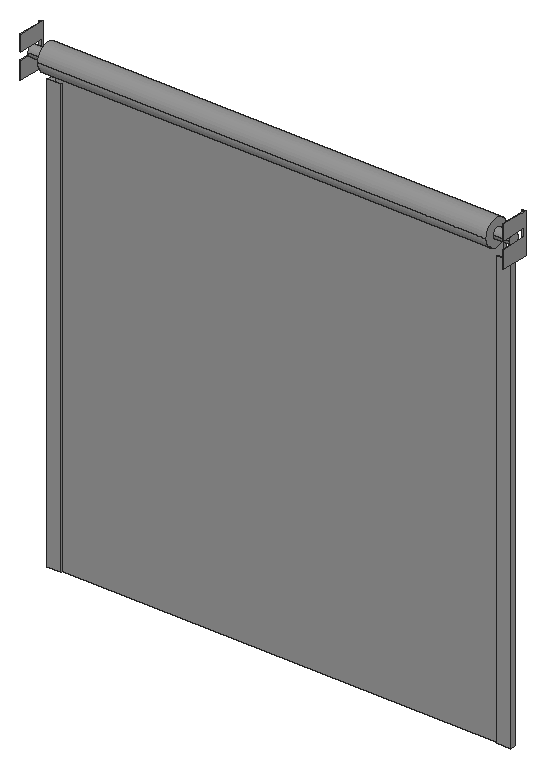
Revit family "M-80", category Двери, Revit 2016
Family settings
  Основа = Стена
  Номер OmniClass = 23.30.10.00
  Заголовок OmniClass = Doors
  Всегда вертикально = Да
  При загрузке вырезать с полостями = Нет
  Общий = Нет
  Точка расчета площади = Нет
Parameters (values of type "Рулонные ворота М-80")
  BL_ШиринаBходаПолотна = 40 mm  # constant formula
  BL_ШиринаПолотна = 17 mm  # constant formula
  BL_ШиринаНаправляющих = 35 mm  # constant formula
  BL_ШиринапоНаправляющим = ADSK_Размер_Ширина + 300 mm  # 3300 mm
  BL_ШиринаBерхнейНаправляющей = 374.343 mm
  Функция = Внутренние слои
  BL_ТолщинаРулона = if(Полотно Открыто, 89.5 mm, 100 mm)  # 89.5 mm
  Разработано = "support@bimlib.ru"  # constant formula
  Полотно Открыто = yes
  BL_ОтстаяниеотДвигателя = 330 mm  # constant formula
  Огнестойкость = "EI60"
  BL_МатериалПолотна = BL_Полотно_ОцинкованнаяСтали_ ПорошковойПокраскойпоRAL_Firetechnics
  BL_МатериалНаправляющих = BL_Сталь_Оцинкованная_Листовая_Firetechnics
  Масса погонного метра профиля = 0.64 kg  # constant formula
  Масса квадратного метра полотна = 8.60 kg  # constant formula
  Изготовитель = "Firetechnics"  # constant formula
  BL_ДлинаНаправляющей = 90 mm  # constant formula
  BL_ВысотаКрепежа = ADSK_Размер_Высота + BL_ВысотаКороба  # 3180 mm
  BL_ВысотаКороба = 90 mm + 90 mm  # 180 mm
  Height = ADSK_Размер_Высота  # 3000 mm
  Замыкание стены = По основе
  Width = ADSK_Размер_Ширина  # 3000 mm
  Аналитическая конструкция = "<Нет>"
  URL = "https://www.fire-tec.ru/"
  ADSK_Размер_Ширина = 3000 mm
  ADSK_Размер_Высота = 3000 mm
  ADSK_Примечание [instance] = ""
  ADSK_Предел огнестойкости = "EI60"
  ADSK_Позиция [instance] = ""
  ADSK_Обозначение = "М-80"
  ADSK_Наименование = "Рулонные ворота из стального профиля без перфорации М-80"
  ADSK_Масса_Текст = ""
  ADSK_Завод-изготовитель = Изготовитель  # "Firetechnics"
  ADSK_Единица измерения = ""
  ADSK_URL страницы изделия = "https://www.fire-tec.ru/catalog/protivopozharnye-vorota/sektsionnye-protivopozharnye-vorota/"
  ADSK_URL документации изделия = ""
Reference planes
  plane 1: y = 0
  plane 2 "По центру (Влево/Вправо)": x = 0
  plane 3 "Слева": x = -1500
  plane 4 "Справа": x = 1500
  plane 5: z = 3000
  plane 6 "Наружный": y = 150
  plane 7 "Внутренние": y = -150
  plane 8: x = -1590
  plane 9: x = 1590
  plane 10: y = -185
  plane 11: y = -160
  plane 12: y = -177
  plane 13: y = -524.343
  plane 14: x = -1540
  plane 15: x = 1540
  plane 16: z = 3180
  plane 17: x = 1920
  plane 18: x = 1630
  plane 19: x = -1626.608
  plane 20: x = -1650
  plane 21: x = 1650
  plane 22: y = -239.5
Forms (mm)
  Extrusion 1, void
    sketch origin (0, 0, 0) x (1, 0, 0) y (0, 1, 0)
      loop
        line (-1500, 150) -> (-1500, -150) -> (-1880, -150) -> (-1880, -970) -> (2100, -970) -> (2100, -150) -> (1500, -150) -> (1500, 150) -> (-1500, 150)
    from 0 to 3000
  Extrusion 2, solid, material "BL_Сталь_Оцинкованная_Листовая_Firetechnics" <- "BL_МатериалНаправляющих"
    sketch origin (0, 0, 0) x (1, 0, 0) y (0, 1, 0)
      loop
        line (-1500, -160) -> (-1500, -150) -> (-1590, -150) -> (-1590, -185) -> (-1500, -185) -> (-1500, -177) -> (-1540, -177) -> (-1540, -160) -> (-1500, -160)
      loop
        line (1500, -150) -> (1500, -160) -> (1540, -160) -> (1540, -177) -> (1500, -177) -> (1500, -185) -> (1590, -185) -> (1590, -150) -> (1500, -150)
    from 0 to 3000
  Extrusion 3, solid, material "BL_Полотно_ОцинкованнаяСтали_ ПорошковойПокраскойпоRAL_Firetechnics" <- "BL_МатериалПолотна", visible <- "Полотно Открыто"
    sketch origin (0, 0, 0) x (1, 0, 0) y (0, 1, 0)
      loop
        line (-1540, -160) -> (-1540, -177) -> (1540, -177) -> (1540, -160) -> (-1540, -160)
    from 0 to 3180
  Extrusion 4, solid, material "BL_Полотно_ОцинкованнаяСтали_ ПорошковойПокраскойпоRAL_Firetechnics" <- "BL_МатериалПолотна"
    sketch origin (0, 0, 0) x (0, 1, 0) y (0, 0, 1)
      loop
        circle (-239.5, 3180) r 35
    from -1650 to 1657.5
  Extrusion 5, solid, material "BL_Полотно_ОцинкованнаяСтали_ ПорошковойПокраскойпоRAL_Firetechnics" <- "BL_МатериалПолотна"
    sketch origin (0, 0, 0) x (0, 1, 0) y (0, 0, 1)
      loop
        circle (-239.5, 3180) r 89.5
    from -1540 to 1540
Cuts and joins
  joined: Extrusion 4, Extrusion 5
Lines and regions (mm)
  symbolic lines, style "Doors"
    curve 1: line (-1655, -150, 0) -> (-1655, -800, 0)
    curve 2: line (-1655, -475, 0) -> (2235, -475, 0)
    curve 3: line (2235, -150, 0) -> (2235, -910, 0)
Text (mm)
  text "Наружный" at (-2295.016, 1099.543, 0), in view "Опорный уровень"
  text "Наружный" at (0, 1615.38, 3698.081), in view "Слева"
  text "Наружный" at (0, 1036.032, 3874.932), in view "Справа"
Dimensions and locks
  equal spacing: plane 3 "Слева", plane 2 "По центру (Влево/Вправо)", plane 4 "Справа"
  "Width": plane 3 "Слева" to plane 4 "Справа"
  "Height": plane 5 to host wall
  host wall to plane 5 = 3000 mm  (x2)
  locked: plane 6 "Наружный" to host wall at 0
  locked: plane 7 "Внутренние" to host wall
  "BL_ШиринаНаправляющих": plane 10 to plane 7 "Внутренние"
  "BL_ШиринаПолотна": plane 11 to plane 12
  "BL_ШиринаBерхнейНаправляющей": plane 13 to plane 7 "Внутренние"
  "BL_ВысотаКороба": plane 16 to plane 5
  "BL_ШиринаBходаПолотна": plane 4 "Справа" to plane 15
  "BL_ШиринаBходаПолотна": plane 14 to plane 3 "Слева"
  "BL_ОтстаяниеотДвигателя": plane 17 to plane 9
  "BL_ДлинаНаправляющей": plane 4 "Справа" to plane 9
  "BL_ДлинаНаправляющей": plane 8 to plane 3 "Слева"
  locked: plane 18 to plane 9 at 40
  locked: plane 8 to plane 19 at 36.608
  plane 7 "Внутренние" to plane 11 = 10 mm
  locked: plane 4 "Справа" to curve 3 at 735
  equal spacing: plane 20, plane 2 "По центру (Влево/Вправо)", plane 21
  "BL_ШиринапоНаправляющим": plane 20 to plane 21
  "BL_ТолщинаРулона": plane 22 to host wall
  radius of Extrusion 4 sketch curve = 35 mm
  "BL_ТолщинаРулона": radius of Extrusion 5 sketch curve
  aligned and locked: plane 1 to host wall
  aligned and locked: Extrusion 1 sketch curve to host wall
  aligned and locked: Extrusion 1 sketch curve to plane 3 "Слева"
  aligned and locked: plane 4 "Справа" to Extrusion 1 sketch curve
  aligned and locked: plane 12 to Extrusion 2 sketch curve  (x2)
  aligned and locked: plane 14 to Extrusion 2 sketch curve
  aligned and locked: Extrusion 2 sketch curve to plane 11
  aligned and locked: Extrusion 2 sketch curve to plane 3 "Слева"  (x2)
  aligned and locked: Extrusion 2 sketch curve to plane 10  (x2)
  aligned and locked: Extrusion 2 sketch curve to plane 8
  aligned and locked: Extrusion 2 sketch curve to host wall
  aligned and locked: host wall to Extrusion 2 sketch curve
  aligned and locked: Extrusion 2 sketch curve to plane 9
  aligned and locked: Extrusion 2 sketch curve to plane 4 "Справа"
  aligned and locked: Extrusion 2 sketch curve to plane 15
  aligned and locked: plane 11 to Extrusion 2 sketch curve
  aligned and locked: plane 4 "Справа" to Extrusion 2 sketch curve
  aligned and locked: Extrusion 2 to plane 5
  aligned and locked: Extrusion 1 to plane 5
  aligned and locked: Extrusion 3 sketch curve to plane 11
  aligned and locked: plane 14 to Extrusion 3 sketch curve
  aligned and locked: Extrusion 3 sketch curve to plane 12
  aligned and locked: plane 16 to Extrusion 3
  aligned and locked: Extrusion 3 to level
  aligned and locked: host wall to nested 1
  aligned and locked: host wall to nested 2
  aligned and locked: plane 20 to nested 2
  aligned and locked: plane 21 to nested 1
  aligned and locked: Extrusion 5 to Extrusion 2  (x2)
  aligned and locked: Extrusion 4 to nested 1
  aligned and locked: Extrusion 4 to nested 2
Automatic sketch dimensions
  plane 3 "Слева" to Extrusion 1 sketch curve = 380 mm
  Extrusion 1 sketch curve to plane 4 "Справа" = 600 mm
  host wall to Extrusion 1 sketch curve = 820 mm
  host wall to Extrusion 1 sketch curve = 0 mm  (x2)
  host wall to curve 3 = 0 mm
  curve 1 to plane 19 = 28.392 mm
  curve 1 to plane 13 = 275.657 mm
  curve 3 to plane 13 = 385.657 mm
  host wall to curve 1 = 0 mm
  curve 2 to plane 19 = 28.392 mm
  plane 13 to curve 2 = 49.343 mm
  curve 2 to curve 3 = 0 mm
  Extrusion 3 sketch curve to plane 15 = 0 mm
  Extrusion 4 sketch curve to plane 16 = 0 mm
  Extrusion 4 sketch curve to plane 22 = 0 mm
  Extrusion 5 sketch curve to plane 16 = 0 mm
  Extrusion 5 sketch curve to plane 22 = 0 mm
Nested families
  nested 1: "кронштейн на стену s ei60" at (1657.5, -210.477, 3180) x (0, -1, 0) z (0, 0, 1), built-in parameter 1001364 <- "BL_ВысотаКрепежа", type "кронштейн на стену s ei60"
  nested 2: "кронштейн на стену s ei60" at (-1657.5, -210.477, 3180) x (0, -1, 0) z (0, 0, 1), built-in parameter 1001364 <- "BL_ВысотаКрепежа", type "кронштейн на стену s ei60"
Definition of nested family "кронштейн на стену s ei60"
  Parameters (values of type "кронштейн на стену s ei60")
    материал = none
  Reference planes
    plane 1 "По центру (Вперед/Назад)": y = 0
    plane 2: z = 0
    plane 3 "По центру (Влево/Вправо)": x = 0
    plane 4: y = 102.5
    plane 5: y = -102.5
    plane 6: x = -60.477
    plane 7: x = 125
    plane 8: z = 50
    plane 9: z = 65
    plane 10: z = 140
    plane 11: z = -140
  Forms (mm)
    Extrusion 1, solid, material <- "материал"
      sketch origin (-60.477, 2.5, -60) x (0, 1, 0) y (0, 0, 1)
        loop
          line (0, 200) -> (-10, 200) -> (-10, -80) -> (0, -80) -> (0, 200)
      from 0 to 10
    Extrusion 2, solid, material <- "материал"
      sketch origin (-60.477, 2.5, 80) x (0, 1, 0) y (0, 0, 1)
        loop
          line (0, 60) -> (0, -44.3) -> (5, -44.3) -> (5, 60) -> (0, 60)
      from 10 to 185.477
    Extrusion 3, solid, material <- "материал"
      sketch origin (-60.477, 2.5, 0) x (0, 1, 0) y (0, 0, 1)
        loop
          line (0, -140) -> (5, -140) -> (5, -20.444) -> (0, -20.444) -> (0, -140)
      from 10 to 185.477
    Extrusion 4, solid, material <- "материал"
      sketch origin (-60.477, 2.5, 0) x (0, 1, 0) y (0, 0, 1)
        loop
          line (0, 140) -> (0, -140) -> (5, -140) -> (5, 140) -> (0, 140)
      from 0 to 10
  Cuts and joins
    joined: Extrusion 1, Extrusion 2, Extrusion 3, Extrusion 4
  Dimensions and locks
    equal spacing: plane 4, plane 1 "По центру (Вперед/Назад)", plane 5
    plane 4 to plane 5 = 205 mm
    Extrusion 4 to plane 3 "По центру (Влево/Вправо)" = 50.477 mm
    equal spacing: plane 10, plane 2, plane 11
    plane 10 to plane 11 = 280 mm
    locked: cut or joined group of Extrusion 1, Extrusion 2, Extrusion 3, Extrusion 4 to cut or joined group of Extrusion 1, Extrusion 2, Extrusion 3, Extrusion 4 at 56.144
    aligned and locked: level to plane 2
    aligned and locked: Extrusion 2 to Extrusion 1
    aligned and locked: plane 7 to Extrusion 2
    aligned and locked: plane 7 to Extrusion 3
    aligned and locked: plane 10 to cut or joined group of Extrusion 1, Extrusion 2, Extrusion 3, Extrusion 4
    aligned and locked: Extrusion 4 to Extrusion 1
    aligned and locked: Extrusion 4 to Extrusion 3
    aligned and locked: Extrusion 1 to Extrusion 3
  Automatic sketch dimensions
    plane 1 "По центру (Вперед/Назад)" to Extrusion 1 sketch curve = 7.5 mm
    Extrusion 1 sketch curve to plane 1 "По центру (Вперед/Назад)" = 2.5 mm
    Extrusion 1 sketch curve to level = 140 mm
    plane 8 to Extrusion 1 sketch curve = 90 mm
    Extrusion 2 sketch curve to plane 1 "По центру (Вперед/Назад)" = 2.5 mm
    Extrusion 2 sketch curve to Extrusion 2 sketch curve = 5 mm
    level to Extrusion 2 sketch curve = 35.7 mm
    plane 8 to Extrusion 2 sketch curve = 90 mm
    Extrusion 3 sketch curve to plane 1 "По центру (Вперед/Назад)" = 2.5 mm
    Extrusion 3 sketch curve to Extrusion 3 sketch curve = 5 mm
    Extrusion 3 sketch curve to level = 140 mm
    Extrusion 3 sketch curve to level = 20.444 mm
    Extrusion 4 sketch curve to plane 1 "По центру (Вперед/Назад)" = 2.5 mm
    Extrusion 4 sketch curve to Extrusion 4 sketch curve = 5 mm
    Extrusion 4 sketch curve to level = 140 mm
    plane 8 to Extrusion 4 sketch curve = 90 mm
